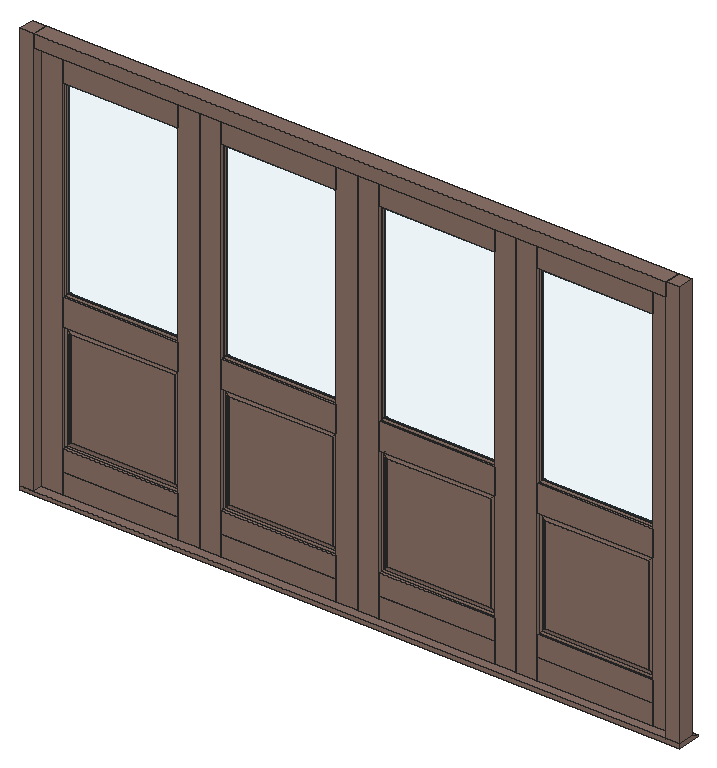
Revit family "DTI_A3-Fold-A-Side-4-Door-SD25", category Doors, host Wall, Revit 2016
Family settings
  Host = Wall
  OmniClass Number = 23.30.10.00
  OmniClass Title = Doors
  Always vertical = Yes
  Cut with Voids When Loaded = No
  Shared = No
  Room Calculation Point = No
Parameters (values of type "Fold A Side 4 Door SD25")
  URL = "www.swartland.co.za"
  Rough Width = 961 mm
  Rough Height = 2518 mm
  Model = "Fold a Side 4 Door SD25"
  Manufacturer = "Swartland Doors & Windows"
  Function = Exterior
  Frame Width = 68 mm
  Height = 2100 mm
  Wall Closure = By host
  Width = 3380 mm
  Frame Depth = 83 mm
  Door Width = 813 mm
  Door Material = Meranti
  Door Height = 2032 mm
  Door Frame Material = Meranti
  Description = "Fold a Side 4 Door SD25"
  Cill Height = 20 mm
  Assembly Code = ""
Reference planes
  plane 1 "Centre (Front/Back)": y = 0
  plane 2 "Center (Left/Right)": x = 0
  plane 3 "Left": x = -1690
  plane 4 "Right": x = 1690
  plane 5: z = 2120
  plane 6 "Exterior": y = 100
  plane 7 "Interior": y = -100
  plane 8: y = -41.5
  plane 9 "Frame exterior": y = 41.5
  plane 10: z = 2052
  plane 11: x = 1622
  plane 12: x = -1622
  plane 13 "Cill Level": z = 20
  plane 14 "Centre of door": y = 17.751
  plane 15: y = 854.5
  plane 16: x = -809
  plane 17: x = 811.667
Forms (mm)
  Extrusion 1, solid, material "Meranti" <- "Door Frame Material"
    sketch origin (0, 0, 20) x (1, 0, 0) y (0, 1, 0)
      loop
        line (-1690, 41.5) -> (-1690, -41.5) -> (-1622, -41.5) -> (-1622, 41.5) -> (-1690, 41.5)
    from 0 to 2100 <- "Height"
  Extrusion 2, solid, material "Meranti" <- "Door Frame Material"
    sketch origin (0, 0, 20) x (-1, 0, 0) y (0, -1, 0)
      loop
        line (-1690, -41.5) -> (-1622, -41.5) -> (-1622, 41.5) -> (-1690, 41.5) -> (-1690, -41.5)
    from 0 to 2100 <- "Height"
  Extrusion 3, solid, material "Meranti" <- "Door Frame Material"
    sketch origin (0, 0, 0) x (0, 1, 0) y (0, 0, 1)
      loop
        line (-41.5, 20) -> (-41.5, 0) -> (75, 0) -> (75, 10) -> (41.5, 20) -> (-41.5, 20)
    from -1690 to 1690
  Extrusion 4, solid, material "Meranti"
    sketch origin (0, 0, 0) x (0, 1, 0) y (0, 0, 1)
      loop
        line (41.5, 2120) -> (-41.5, 2120) -> (-41.5, 2052) -> (41.5, 2052) -> (41.5, 2120)
    from 1622 to -1622
Lines and regions (mm)
  Opening 1
    outline origin (-3050, -100, 0) x (1, 0, 0) y (0, 0, 1)
      loop
        line (1360, 0) -> (4740, 0) -> (4740, 2120) -> (1360, 2120) -> (1360, 0)
  symbolic lines
    curve 1: line (-1622, 854.5, 0) -> (-810.251, 42.751, 0)
    curve 2: line (-810.251, 42.751, 0) -> (1.498, 854.5, 0)
    curve 3: line (1.498, 854.5, 0) -> (813.247, 42.751, 0)
    curve 4: line (813.247, 42.751, 0) -> (1624.996, 854.5, 0)
Text (mm)
  text "Exterior" at (-2295.016, 1099.543, 0), in view "Ref. Level"
  text "Exterior" at (0, 1615.38, 3698.081), in view "Left"
  text "Exterior" at (0, 1036.032, 3874.932), in view "Right"
Dimensions and locks
  equal spacing: plane 3 "Left", plane 2 "Center (Left/Right)", plane 4 "Right"
  "Width": plane 3 "Left" to plane 4 "Right"
  locked: plane 6 "Exterior" to host wall at 0
  locked: plane 7 "Interior" to host wall
  equal spacing: plane 9 "Frame exterior", plane 1 "Centre (Front/Back)", plane 8
  "Frame Depth": plane 9 "Frame exterior" to plane 8
  "Frame Width": plane 10 to plane 5
  plane 9 "Frame exterior" to plane 8 = 83 mm
  "Door Height": plane 13 "Cill Level" to plane 10
  "Cill Height": level to plane 13 "Cill Level"
  "Frame Width": plane 11 to plane 4 "Right"
  plane 3 "Left" to plane 12 = 68 mm
  level to Extrusion 3 = 20 mm
  "Frame Width": plane 3 "Left" to plane 12
  plane 3 "Left" to plane 4 "Right" = 3380 mm
  level to plane 5 = 2120 mm
  equal spacing: group 2, group 4, group 3, group 1
  equal spacing: group 1, group 3, group 4, group 2  (x2)
  aligned and locked: plane 3 "Left" to Opening 1 sketch curve
  aligned and locked: plane 5 to Opening 1 sketch curve  (x2)
  aligned and locked: Opening 1 sketch curve to plane 4 "Right"
  aligned and locked: Opening 1 sketch curve to level
  aligned and locked: host wall to plane 1 "Centre (Front/Back)"
  aligned and locked: Extrusion 3 to host wall  (x2)
  aligned and locked: Extrusion 2 to plane 13 "Cill Level"
  aligned and locked: Extrusion 1 to plane 13 "Cill Level"
  aligned and locked: Extrusion 2 to host wall
  aligned and locked: Extrusion 1 to host wall
  aligned and locked: Extrusion 4 to plane 11
  aligned and locked: plane 12 to Extrusion 4
Automatic sketch dimensions
  Extrusion 1 sketch curve to plane 3 "Left" = 0 mm
  Extrusion 1 sketch curve to plane 9 "Frame exterior" = 0 mm
  Extrusion 1 sketch curve to plane 12 = 0 mm
  Extrusion 1 sketch curve to plane 8 = 0 mm
  Extrusion 2 sketch curve to plane 4 "Right" = 0 mm
  Extrusion 2 sketch curve to plane 9 "Frame exterior" = 0 mm
  Extrusion 2 sketch curve to plane 11 = 0 mm
  Extrusion 2 sketch curve to plane 8 = 0 mm
  plane 5 to Extrusion 4 sketch curve = 0 mm
  Extrusion 4 sketch curve to plane 8 = 0 mm
  Extrusion 4 sketch curve to plane 9 "Frame exterior" = 0 mm
  plane 10 to Extrusion 4 sketch curve = 0 mm
  Extrusion 3 sketch curve to level = 0 mm
  Extrusion 3 sketch curve to plane 8 = 0 mm
  Extrusion 3 sketch curve to plane 9 "Frame exterior" = 0 mm
  Extrusion 3 sketch curve to plane 13 "Cill Level" = 0 mm
  Extrusion 3 sketch curve to host wall = 25 mm
  level to Extrusion 3 sketch curve = 10 mm
  curve 1 to plane 12 = 0 mm
  curve 3 to plane 15 = 0 mm
  curve 4 to plane 15 = 0 mm
  curve 1 to plane 15 = 0 mm
  plane 16 to curve 2 = 1.251 mm
  plane 2 "Center (Left/Right)" to curve 3 = 1.498 mm
  plane 9 "Frame exterior" to curve 3 = 1.251 mm
Nested families
  nested 1: "SD25 frameless" at (809, 7.751, 20), type "SD25 frameless"
  nested 2: "SD25 frameless" at (-1622, 7.751, 20), type "SD25 frameless"
  nested 3: "SD25 frameless" at (-1.333, 7.751, 20), type "SD25 frameless"
  nested 4: "SD25 frameless" at (-811.667, 7.751, 20), type "SD25 frameless"
Definition of nested family "SD25 frameless"
  Parameters
    Door Material = none
  Reference planes
    plane 1 "Center (Front/Back)": y = 0
    plane 2: z = 0
    plane 3 "Center (Left/Right)": x = 0
  Forms (mm)
    Extrusion 1, solid, material <- "Door Material"
      sketch origin (406.5, 40, -44) x (0, 0, -1) y (-1, 0, 0)
        loop
          line (-44, -406.5) -> (-44, -296.826) -> (-2076, -296.826) -> (-2076, -406.5) -> (-44, -406.5)
      from -40 to 0
    Extrusion 2, solid, material <- "Door Material"
      sketch origin (406.5, 40, -44) x (0, 0, -1) y (-1, 0, 0)
        loop
          line (-44, 406.5) -> (-2076, 406.5) -> (-2076, 296.174) -> (-44, 296.174) -> (-44, 406.5)
      from -40 to 0
    Extrusion 3, solid, material <- "Door Material"
      sketch origin (406.5, 40, -45.104) x (0, 0, -1) y (-1, 0, 0)
        loop
          line (-45.104, -296.826) -> (-45.104, 296.174) -> (-150.786, 296.174) -> (-150.786, -296.826) -> (-45.104, -296.826)
      from 0 to -40
    Extrusion 4, solid
      sketch origin (406.5, 40, -44) x (0, 0, -1) y (-1, 0, 0)
        loop
          line (-1936.682, -296.826) -> (-1936.682, 296.174) -> (-2076, 296.174) -> (-2076, -296.826) -> (-1936.682, -296.826)
      from 0 to -40
    Extrusion 5, solid, material <- "Door Material"
      sketch origin (406.5, 40, 60.578) x (0, 0, -1) y (-1, 0, 0)
        loop
          line (-45.104, -296.826) -> (-45.104, 296.174) -> (-150.786, 296.174) -> (-150.786, -296.826) -> (-45.104, -296.826)
      from 0 to -40
    Extrusion 6, solid
      sketch origin (406.5, 40, -44) x (0, 0, -1) y (-1, 0, 0)
        loop
          line (-949.682, -296.826) -> (-813.682, -296.826) -> (-813.682, 296.174) -> (-949.682, 296.174) -> (-949.682, -296.826)
      from 0 to -40
    Sweep 7, solid
      path origin (406.5, 22.751, -44) x (0, 0, 1) y (1, 0, 0)
        loop
          line (813.682, 296.826) -> (255.364, 296.826) -> (255.364, -296.174) -> (813.682, -296.174) -> (813.682, 296.826)
      profile "Door Panel Profile : Door Panel Profile" origin (409.912, 22.751, 769.682) x (0, 0, 1) y (0, 1, 0)
        loop
          arc (-29.957, -10) -> (-20.328, -6.22) -> (-10, -5.624) r 32.832
          arc (-10, -5.624) -> (-5.764, -9.652) -> (0, -10.624) r 10
          line (0, -10.624) -> (0, 0) -> (0, 10.624)
          arc (0, 10.624) -> (-5.764, 9.652) -> (-10, 5.624) r 10
          arc (-10, 5.624) -> (-20.328, 6.22) -> (-29.957, 10) r 32.832
          line (-29.957, 10) -> (-29.957, 0) -> (-29.957, -10)
    Extrusion 8, solid
      sketch origin (406.5, 22.751, -44) x (0, 0, 1) y (1, 0, 0)
        loop
          line (783.725, 266.869) -> (285.321, 266.869) -> (285.321, -266.216) -> (783.725, -266.216) -> (783.725, 266.869)
      from 10 to -10
    Sweep 9, solid
      path origin (406.5, 22.751, -44) x (0, 0, 1) y (1, 0, 0)
        loop
          line (1936.682, 296.826) -> (949.682, 296.826) -> (949.682, -296.174) -> (1936.682, -296.174) -> (1936.682, 296.826)
      profile "Beading Profile : Beading Profile" origin (409.912, 22.751, 1892.682) x (0, 0, 1) y (0, 1, 0)
        loop
          line (0, 0) -> (0, 10.624)
          arc (0, 10.624) -> (-5.764, 9.652) -> (-10, 5.624) r 10
          line (-10, 5.624) -> (-10, -5.624)
          arc (-10, -5.624) -> (-5.764, -9.652) -> (0, -10.624) r 10
          line (0, -10.624) -> (0, 0)
    Extrusion 10, solid
      sketch origin (406.5, 22.751, -44) x (0, 0, 1) y (1, 0, 0)
        loop
          line (1926.657, 286.801) -> (959.682, 286.801) -> (959.682, -286.174) -> (1926.657, -286.174) -> (1926.657, 286.801)
      from 2 to -2
    Extrusion 11, solid, material <- "Door Material", not visible
      sketch origin (409.586, 121.769, 0) x (0, 0, -1) y (-1, 0, 0)
        loop
          line (-44, -406.5) -> (-44, -296.826) -> (-2076, -296.826) -> (-2076, -406.5) -> (-44, -406.5)
      from -40 to 0
    Extrusion 12, solid, material <- "Door Material", not visible
      sketch origin (409.586, 121.769, 0) x (0, 0, -1) y (-1, 0, 0)
        loop
          line (-44, 406.5) -> (-2076, 406.5) -> (-2076, 296.174) -> (-44, 296.174) -> (-44, 406.5)
      from -40 to 0
    Extrusion 13, solid, material <- "Door Material", not visible
      sketch origin (409.586, 121.769, -1.104) x (0, 0, -1) y (-1, 0, 0)
        loop
          line (-45.104, -296.826) -> (-45.104, 296.174) -> (-150.786, 296.174) -> (-150.786, -296.826) -> (-45.104, -296.826)
      from 0 to -40
    Extrusion 14, solid, not visible
      sketch origin (409.586, 121.769, 0) x (0, 0, -1) y (-1, 0, 0)
        loop
          line (-1936.682, -296.826) -> (-1936.682, 296.174) -> (-2076, 296.174) -> (-2076, -296.826) -> (-1936.682, -296.826)
      from 0 to -40
    Extrusion 15, solid, material <- "Door Material", not visible
      sketch origin (409.586, 121.769, 104.578) x (0, 0, -1) y (-1, 0, 0)
        loop
          line (-45.104, -296.826) -> (-45.104, 296.174) -> (-150.786, 296.174) -> (-150.786, -296.826) -> (-45.104, -296.826)
      from 0 to -40
    Extrusion 16, solid, not visible
      sketch origin (409.586, 121.769, 0) x (0, 0, -1) y (-1, 0, 0)
        loop
          line (-949.682, -296.826) -> (-813.682, -296.826) -> (-813.682, 296.174) -> (-949.682, 296.174) -> (-949.682, -296.826)
      from 0 to -40
    Sweep 17, solid, not visible
      path origin (409.586, 104.52, 0) x (0, 0, 1) y (1, 0, 0)
        loop
          line (813.682, 296.826) -> (255.364, 296.826) -> (255.364, -296.174) -> (813.682, -296.174) -> (813.682, 296.826)
      profile "Door Panel Profile : Door Panel Profile" origin (409.912, 104.52, 813.682) x (0, 0, 1) y (0, 1, 0)
        loop
          arc (-29.957, -10) -> (-20.328, -6.22) -> (-10, -5.624) r 32.832
          arc (-10, -5.624) -> (-5.764, -9.652) -> (0, -10.624) r 10
          line (0, -10.624) -> (0, 0) -> (0, 10.624)
          arc (0, 10.624) -> (-5.764, 9.652) -> (-10, 5.624) r 10
          arc (-10, 5.624) -> (-20.328, 6.22) -> (-29.957, 10) r 32.832
          line (-29.957, 10) -> (-29.957, 0) -> (-29.957, -10)
    Extrusion 18, solid, not visible
      sketch origin (409.586, 104.52, 0) x (0, 0, 1) y (1, 0, 0)
        loop
          line (783.725, 266.869) -> (285.321, 266.869) -> (285.321, -266.216) -> (783.725, -266.216) -> (783.725, 266.869)
      from 20 to -20
    Sweep 19, solid, not visible
      path origin (409.586, 104.52, 0) x (0, 0, 1) y (1, 0, 0)
        loop
          line (1936.682, 296.826) -> (949.682, 296.826) -> (949.682, -296.174) -> (1936.682, -296.174) -> (1936.682, 296.826)
      profile "Beading Profile : Beading Profile" origin (409.912, 104.52, 1936.682) x (0, 0, 1) y (0, 1, 0)
        loop
          line (0, 0) -> (0, 10.624)
          arc (0, 10.624) -> (-5.764, 9.652) -> (-10, 5.624) r 10
          line (-10, 5.624) -> (-10, -5.624)
          arc (-10, -5.624) -> (-5.764, -9.652) -> (0, -10.624) r 10
          line (0, -10.624) -> (0, 0)
    Extrusion 20, solid, not visible
      sketch origin (409.586, 104.52, 0) x (0, 0, 1) y (1, 0, 0)
        loop
          line (1926.657, 286.801) -> (959.682, 286.801) -> (959.682, -286.174) -> (1926.657, -286.174) -> (1926.657, 286.801)
      from 2 to -2
  Dimensions and locks
    aligned and locked: level to plane 2
    aligned and locked: Sweep 7 sketch curve to Extrusion 6  (x2)
    aligned and locked: Sweep 7 sketch curve to Extrusion 5  (x2)
    aligned and locked: Sweep 17 sketch curve to Extrusion 16  (x2)
    aligned and locked: Sweep 17 sketch curve to Extrusion 15  (x2)
